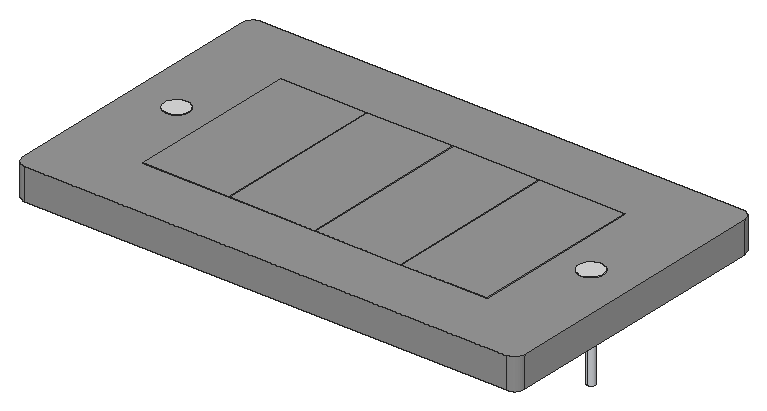
Revit family "ElectricalFixture_WiringAccessories_Hager_Sollysta_WhiteMetalcladEuroPlates", category Electrical Fixtures, host Face, Revit 2015
Parameters (values of type "WPP4EUBKOW")
  Warranty ID = ""
  Voltage (Volts) = "230V/240V"
  Unique Reference = "WPP4EUBKOW"
  Type = "ElectricalFixture"
  Technical Description = Description  # "4ModuleEuroStyleAccomodationPlate&BackboxWithKnockoutsWhite"
  SwitchHeight = 50.0 mm
  Switch Width = 100.0 mm
  Switch = yes
  Supply Phase = "1"
  Size = ""
  Shipping Weight kg = "0.188"
  Shape = "Rectangular"
  Reference Standard = "BS 1363-2"
  Product URL = "http://www.hager.co.uk/product-catalogue/wiring-accessories/sollysta/white-moulded/white-moulded-euro-accomodation-plates-modules/58361.htm"
  Product Range = "Sollysta"
  Product Model Number = Unique Reference  # "WPP4EUBKOW"
  Product Literature = "http://www.hager.co.uk/product-catalogue/wiring-accessories/sollysta/38662.htm"
  Product Group = "WiringAccessories"
  Product Family = "MetalcladEuroAccomodationPlates&Modules"
  Packaging Recyclable = yes
  Overall Width = Overall Length  # 146.0 mm
  Overall Length = 146.0 mm
  Overall Height = 86.0 mm
  Overall Depth = 26.07 mm
  Operation and Maintenance Manual = ""
  Name = "MetalcladEuroAccomodationPlates&Modules_WPP4EUBKOW"
  Module4 [instance] = ElectricalFixture_WiringAccessories_Hager_Sollysta_EuroModulesWhite : WMMRJ45
  Module3 [instance] = ElectricalFixture_WiringAccessories_Hager_Sollysta_EuroModulesWhite : WMMRJ45
  Module2 [instance] = ElectricalFixture_WiringAccessories_Hager_Sollysta_EuroModulesWhite : WMMRJ11
  Module1 [instance] = ElectricalFixture_WiringAccessories_Hager_Sollysta_EuroModulesWhite : WMMBTM
  Measurement Units = "mm"
  Material = Hager_WhiteMetalClad
  Manufacturer Website = "http://www.hager.co.uk/"
  Manufacturer Country = "United Kingdom"
  Manufacturer = "Hager"
  LED Indicator Switch = no
  Gross Weight kg = "0.165"
  Frequency = "50/60Hz"
  Finish = "Polished"
  Features = Description  # "4ModuleEuroStyleAccomodationPlate&BackboxWithKnockoutsWhite"
  Extrusion From Wall = 9.0 mm
  Expected Life = "25 years"
  EAN Code = "3250617261678"
  Design Country = "China"
  Description = "4ModuleEuroStyleAccomodationPlate&BackboxWithKnockoutsWhite"
  Default Elevation = 1219.2 mm
  Colour = "WhiteMetalclad"
  CE Approval = yes
  4Gang = yes
  2Gang = yes
  1Gang = no
Types (9, lengths in mm): name | Unique Reference | Technical Description | Product Model Number | Overall Width | Overall Length | Name | Features | EAN Code | Description | 4Gang | 2Gang | 1Gang
  WPP1EUW | "WPP1EUW" | "1ModuleEuroStyleAccomodationPlateWhite" | "WPP1EUW" | 86.0 | 86.0 | "MetalcladEuroAccomodationPlates&Modules_WPP1EUW" | "1ModuleEuroStyleAccomodationPlateWhite" | "3250617261593" | "1ModuleEuroStyleAccomodationPlateWhite" | no | no | yes
  WPP1EUBW | "WPP1EUBW" | "1ModuleEuroStyleAccomodationPlate&BackboxWithoutKnockoutsWhite" | "WPP1EUBW" | 86.0 | 86.0 | "MetalcladEuroAccomodationPlates&Modules_WPP1EUBW" | "1ModuleEuroStyleAccomodationPlate&BackboxWithoutKnockoutsWhite" | "3250617261586" | "1ModuleEuroStyleAccomodationPlate&BackboxWithoutKnockoutsWhite" | no | no | yes
  WPP1EUBKOW | "WPP1EUBKOW" | "1ModuleEuroStyleAccomodationPlate&BackboxWithKnockoutsWhite" | "WPP1EUBKOW" | 86.0 | 86.0 | "MetalcladEuroAccomodationPlates&Modules_WPP1EUBKOW" | "1ModuleEuroStyleAccomodationPlate&BackboxWithKnockoutsWhite" | "3250617261579" | "1ModuleEuroStyleAccomodationPlate&BackboxWithKnockoutsWhite" | no | no | yes
  WPP2EUW | "WPP2EUW" | "2ModuleEuroStyleAccomodationPlateWhite" | "WPP2EUW" | 86.0 | 86.0 | "MetalcladEuroAccomodationPlates&Modules_WPP2EUW" | "2ModuleEuroStyleAccomodationPlateWhite" | "3250617261654" | "2ModuleEuroStyleAccomodationPlateWhite" | no | yes | no
  WPP2EUBW | "WPP2EUBW" | "2ModuleEuroStyleAccomodationPlate&BackboxWithoutKnockoutsWhite" | "WPP2EUBW" | 86.0 | 86.0 | "MetalcladEuroAccomodationPlates&Modules_WPP2EUBW" | "2ModuleEuroStyleAccomodationPlate&BackboxWithoutKnockoutsWhite" | "3250617261647" | "2ModuleEuroStyleAccomodationPlate&BackboxWithoutKnockoutsWhite" | no | no | yes
  WPP2EUBKOW | "WPP2EUBKOW" | "2ModuleEuroStyleAccomodationPlate&BackboxWithKnockoutsWhite" | "WPP2EUBKOW" | 86.0 | 86.0 | "MetalcladEuroAccomodationPlates&Modules_WPP2EUBKOW" | "2ModuleEuroStyleAccomodationPlate&BackboxWithKnockoutsWhite" | "3250617261630" | "2ModuleEuroStyleAccomodationPlate&BackboxWithKnockoutsWhite" | no | yes | no
  WPP4EUW | "WPP4EUW" | "4ModuleEuroStyleAccomodationPlateWhite" | "WPP4EUW" | 146.0 | 146.0 | "MetalcladEuroAccomodationPlates&Modules_WPP4EUW" | "4ModuleEuroStyleAccomodationPlateWhite" | "3250617261692" | "4ModuleEuroStyleAccomodationPlateWhite" | yes | yes | no
  WPP4EUBW | "WPP4EUBW" | "4ModuleEuroStyleAccomodationPlate&BackboxWithoutKnockoutsWhite" | "WPP4EUBW" | 86.0 | 86.0 | "MetalcladEuroAccomodationPlates&Modules_WPP4EUBW" | "4ModuleEuroStyleAccomodationPlate&BackboxWithoutKnockoutsWhite" | "3250617261685" | "4ModuleEuroStyleAccomodationPlate&BackboxWithoutKnockoutsWhite" | no | no | yes
  WPP4EUBKOW | "WPP4EUBKOW" | "4ModuleEuroStyleAccomodationPlate&BackboxWithKnockoutsWhite" | "WPP4EUBKOW" | 146.0 | 146.0 | "MetalcladEuroAccomodationPlates&Modules_WPP4EUBKOW" | "4ModuleEuroStyleAccomodationPlate&BackboxWithKnockoutsWhite" | "3250617261678" | "4ModuleEuroStyleAccomodationPlate&BackboxWithKnockoutsWhite" | yes | yes | no
Reference planes
  plane 1 "Center (Front/Back)": y = 0
  plane 2: z = 0
  plane 3 "Center (Left/Right)": x = -11.5
  plane 4: y = -43
  plane 5: y = 43
  plane 6: x = -84.5
  plane 7: x = 61.5
  plane 8: z = 9.47
  plane 9: z = -16.6
  plane 10: z = 9
  plane 11: y = -471.393
  plane 12: z = -20.53
  plane 13: x = -71.65
  plane 14: x = 48.65
  plane 15: x = -61.5
  plane 16: x = 38.5
  plane 17: y = -25
  plane 18: y = 25
  plane 19 "Ref Line": z = -2.9
Forms (mm)
  Extrusion 1, solid, material "Steel, Chrome Plated", detail levels fine
    sketch origin (0, 0, 0) x (1, 0, 0) y (0, 1, 0)
      loop
        circle (-71.65, 0) r 3.542
    from -1.167 to 9
  Extrusion 2, solid, material "Steel, Chrome Plated", detail levels fine
    sketch origin (0, 0, 0) x (-1, 0, 0) y (0, -1, 0)
      loop
        circle (-48.65, 0) r 3.542
    from -1.167 to 9
  Extrusion 3, solid, material "Urea Formaldehyde Thermoset Plastic", detail levels medium
    sketch origin (0, 0, 0) x (1, 0, 0) y (0, 1, 0)
      loop
        line (-84.5, 43) -> (-84.5, -43) -> (61.5, -43) -> (61.5, 43) -> (-84.5, 43)
    from 0 to 9
  Extrusion 4, solid
    sketch origin (-184.307, 0, -1.167) x (0, 1, 0) y (-1, 0, 0)
      loop
        circle (0, -112.657) r 1.2
    from 0 to 19.363
  Extrusion 5, solid
    sketch origin (0, 0, -1.167) x (0, -1, 0) y (1, 0, 0)
      loop
        circle (0, 48.65) r 1.2
    from 0 to 19.363
  Extrusion 6, solid, material "Hager_WhiteMetalClad" <- "Material", detail levels medium
    sketch origin (0, 0, 0) x (1, 0, 0) y (0, 1, 0)
      loop
        line (-84.5, -43) -> (61.5, -43) -> (61.5, 43) -> (-84.5, 43) -> (-84.5, -43)
    from 0 to 9
  Extrusion 7, solid, material "Hager_WhiteMetalClad" <- "Material", detail levels fine
    sketch origin (0, 0, 0) x (1, 0, 0) y (0, 1, 0)
      loop
        arc (-81.235, 43) -> (-83.544, 42.044) -> (-84.5, 39.735) r 3.265
        line (-84.5, 39.735) -> (-84.5, -39.765)
        arc (-84.5, -39.765) -> (-83.553, -42.053) -> (-81.265, -43) r 3.235
        line (-81.265, -43) -> (58.509, -43)
        arc (58.509, -43) -> (60.624, -42.124) -> (61.5, -40.009) r 2.991
        line (61.5, -40.009) -> (61.5, 39.751)
        arc (61.5, 39.751) -> (60.548, 42.048) -> (58.251, 43) r 3.249
        line (58.251, 43) -> (-81.235, 43)
    from 0 to 9
Lines and regions (mm)
  symbolic lines, style "ElectricalFixtures", not visible, detail levels coarse
    curve 1: line (73.42, -504.912, 19.451) -> (3.42, -504.912, 19.451)
    curve 2: arc (73.42, -504.912, 19.451) -> (38.42, -504.912, 54.451) -> (3.42, -504.912, 19.451) r 35
    curve 3: circle (38.42, -504.912, 54.451) r 6 normal (0, 1, 0)
    curve 4: line (38.42, -504.912, 54.451) -> (38.42, -504.912, 99.451)
    curve 5: line (38.42, -504.912, 99.451) -> (68.42, -504.912, 99.451)
    curve 6: line (38.42, -504.912, 54.451) -> (10.78, -504.912, 87.391)
    curve 7: line (10.78, -504.912, 87.391) -> (-3.315, -504.912, 75.564)
    curve 8: line (0.509, -504.912, 19.451) -> (-69.491, -504.912, 19.451)
    curve 9: arc (0.509, -504.912, 19.451) -> (-34.491, -504.912, 54.451) -> (-69.491, -504.912, 19.451) r 35
    curve 10: circle (-34.491, -504.912, 54.451) r 6 normal (0, 1, 0)
    curve 11: line (-34.491, -504.912, 54.451) -> (-34.491, -504.912, 99.451)
    curve 12: line (-34.491, -504.912, 99.451) -> (-4.491, -504.912, 99.451)
    curve 13: line (-34.491, -504.912, 54.451) -> (-62.13, -504.912, 87.391)
    curve 14: line (-62.13, -504.912, 87.391) -> (-76.226, -504.912, 75.564)
  model lines, detail levels coarse
    curve 15: line (-84.5, 43, 0) -> (61.5, 43, 0)
    curve 16: line (-84.5, -43, 0) -> (-84.5, 43, 0)
    curve 17: line (61.5, -43, 0) -> (-84.5, -43, 0)
    curve 18: line (61.5, 43, 0) -> (61.5, -43, 0)
    curve 19: arc (-67.608, 0, 0) -> (-71.65, -4.042, 0) -> (-75.692, 0, 0) r 4.042
    curve 20: arc (-75.692, 0, 0) -> (-71.65, 4.042, 0) -> (-67.608, 0, 0) r 4.042
    curve 21: arc (52.692, 0, 0) -> (48.65, -4.042, 0) -> (44.608, 0, 0) r 4.042
    curve 22: arc (44.608, 0, 0) -> (48.65, 4.042, 0) -> (52.692, 0, 0) r 4.042
  model lines
    curve 23: line (35.719, -25, 0) -> (-58.806, -25, 0)
Dimensions and locks
  "Overall Length": plane 6 to plane 7
  "Overall Height": plane 4 to plane 5
  "Extrusion From Wall": plane 2 to plane 10
  locked: plane 14 to plane 7 at 12.85
  locked: plane 6 to plane 13 at 12.85
  equal spacing: plane 6, plane 3 "Center (Left/Right)", plane 7
  equal spacing: plane 15, plane 3 "Center (Left/Right)", plane 16
  "Switch Width": plane 15 to plane 16
  equal spacing: plane 18, plane 1 "Center (Front/Back)", plane 17
  "SwitchHeight": plane 18 to plane 17
  plane 15 to plane 3 "Center (Left/Right)" to plane 16 = 50.0 mm, 50.0 mm
  nested 1 to host face = 9.0 mm
  locked: plane 10 to plane 19 "Ref Line" at 11.9
  aligned and locked: plane 2 to host face
  aligned and locked: level to host face
  aligned and locked: Extrusion 2 to Extrusion 4
  aligned and locked: Extrusion 5 to Extrusion 1
  aligned and locked: plane 12 to Extrusion 5
  aligned and locked: Extrusion 6 to level
  aligned and locked: plane 14 to Extrusion 5 sketch curve
  aligned and locked: plane 13 to Extrusion 4 sketch curve
  aligned and locked: plane 1 "Center (Front/Back)" to nested 1
  aligned and locked: curve 15 to Extrusion 7 sketch curve
  aligned and locked: curve 16 to Extrusion 7 sketch curve
  aligned and locked: curve 17 to Extrusion 7 sketch curve
  aligned and locked: curve 18 to Extrusion 7 sketch curve
  aligned and locked: Extrusion 7 to plane 10
  aligned and locked: Extrusion 6 to Extrusion 7
  aligned and locked: Extrusion 3 to Extrusion 6
  aligned and locked: Extrusion 3 to Extrusion 1
  aligned and locked: Extrusion 2 to Extrusion 1
Automatic sketch dimensions
  host sketch curve to host sketch curve = 2438.4 mm  (x2)
  Extrusion 1 sketch curve to Extrusion 1 sketch curve = 0.0 mm  (x2)
  plane 1 "Center (Front/Back)" to Extrusion 1 sketch curve = 0.0 mm
  Extrusion 1 sketch curve to plane 13 = 0.0 mm
  Extrusion 1 sketch curve to plane 13 = 3.542 mm
  Extrusion 2 sketch curve to Extrusion 2 sketch curve = 0.0 mm  (x2)
  plane 1 "Center (Front/Back)" to Extrusion 2 sketch curve = 0.0 mm
  plane 14 to Extrusion 2 sketch curve = 0.0 mm
  Extrusion 2 sketch curve to plane 14 = 3.542 mm
  plane 4 to Extrusion 3 sketch curve = 0.0 mm
  Extrusion 3 sketch curve to plane 6 = 0.0 mm
  Extrusion 3 sketch curve to plane 7 = 0.0 mm
  plane 5 to Extrusion 3 sketch curve = 0.0 mm
  plane 5 to Extrusion 6 sketch curve = 0.0 mm
  Extrusion 6 sketch curve to plane 6 = 0.0 mm
  Extrusion 6 sketch curve to plane 7 = 0.0 mm
  plane 4 to Extrusion 6 sketch curve = 0.0 mm
  curve 19 to curve 20 = 0.0 mm  (x2)
  curve 21 to curve 22 = 0.0 mm  (x2)
  plane 4 to curve 17 = 0.0 mm
  curve 17 to plane 6 = 0.0 mm
  plane 1 "Center (Front/Back)" to curve 19 = 0.0 mm
  curve 20 to plane 13 = 0.0 mm
  plane 1 "Center (Front/Back)" to curve 21 = 0.0 mm
  curve 22 to plane 14 = 0.0 mm
  curve 17 to plane 7 = 0.0 mm
  plane 5 to curve 16 = 0.0 mm
  curve 19 to plane 13 = 4.042 mm
  curve 21 to curve 21 = 4.042 mm
  curve 23 to plane 17 = 0.0 mm
  curve 23 to plane 16 = 2.781 mm
  plane 15 to curve 23 = 2.694 mm
  Extrusion 7 sketch curve to plane 4 = 3.235 mm
  plane 6 to Extrusion 7 sketch curve = 3.265 mm
  Extrusion 7 sketch curve to plane 7 = 3.249 mm
  Extrusion 7 sketch curve to plane 7 = 2.991 mm
  radius of Extrusion 4 sketch curve = 1.2 mm
  radius of Extrusion 5 sketch curve = 1.2 mm
Nested families
  nested 1: "ElectricalFixture_WiringAccessories_Hager_Sollysta_EuroModulesWhite" at (-37.5, 0, -2.9), visible <- "4Gang", type <- "Module1", type "WMMBTM", detail levels fine
  nested 2: "ElectricalFixture_WiringAccessories_Hager_Sollysta_EuroModulesWhite" at (-12.5, 0, -2.9), visible <- "2Gang", type <- "Module2", type "WMMRJ11", detail levels fine
  nested 3: "ElectricalFixture_WiringAccessories_Hager_Sollysta_EuroModulesWhite" at (12.5, 0, -2.9), visible <- "2Gang", type <- "Module3", type "WMMRJ45", detail levels fine
  nested 4: "ElectricalFixture_WiringAccessories_Hager_Sollysta_EuroModulesWhite" at (37.5, 0, -2.9), visible <- "4Gang", type <- "Module4", type "WMMRJ45", detail levels fine
  nested 5: "ElectricalFixture_WiringAccessories_Hager_Sollysta_EuroModulesWhite" at (0, 0, -2.9), visible <- "1Gang", type <- "Module1", type "WMMBTM", detail levels fine
Connectors
  electrical at (-11.5, 0, 0)
    settings: on Extrusion 3, index 1, voltage 230 V, apparent load 0 VA, apparent load phase1 0 VA, apparent load phase2 0 VA, apparent load phase3 0 VA, power factor 1, load classification "Other", number of poles 1, system type 31, power factor state 1, is connector primary yes, connector utility no, sub classification motor no, connector description ""
Definition of nested family "ElectricalFixture_WiringAccessories_Hager_Sollysta_EuroModulesWhite"
  Parameters (values of type "WMMPIR10X")
    Warranty ID = ""
    Voltage (Volts) = "230V/240V"
    Unique Reference = "WMMPIR10X"
    Type = "ElectricalFixture"
    Technical Description = Description  # "PIR10mDetectionEuromoduleWhite"
    SwitchHeight = 50.0 mm
    Switch Width = 100.0 mm
    Switch = yes
    Supply Phase = "1"
    Size = ""
    Shipping Weight kg = "0.188"
    Shape = "Rectangular"
    Reference Standard = "BS 1363-2"
    Product URL = "http://www.hager.co.uk/product-catalogue/wiring-accessories/sollysta/white-moulded/white-moulded-euro-accomodation-plates-modules/58361.htm"
    Product Range = "Sollysta"
    Product Model Number = Unique Reference  # "WMMPIR10X"
    Product Literature = "http://www.hager.co.uk/product-catalogue/wiring-accessories/sollysta/38662.htm"
    Product Group = "WiringAccessories"
    Product Family = "WhiteMouldedEuroAccomodationPlates&Modules"
    Packaging Recyclable = yes
    Overall Width = 25.0 mm
    Overall Length = 25.0 mm  # constant formula
    Overall Height = 50.0 mm
    Overall Depth = 11.9 mm
    Operation and Maintenance Manual = ""
    Name = "WhiteMouldedEuroAccomodationPlates&Modules_WMMPIR10X"
    Measurement Units = "mm"
    Material = none
    Manufacturer Website = "http://www.hager.co.uk/"
    Manufacturer Country = "United Kingdom"
    Manufacturer = "Hager"
    LED Indicator Switch = no
    Gross Weight kg = "0.165"
    Frequency = "50/60Hz"
    Finish = "Gloss"
    Features = Description  # "PIR10mDetectionEuromoduleWhite"
    Extrusion From Wall = 11.921 mm
    Expected Life = "25 years"
    EAN Code = "3250617262347"
    Design Country = "China"
    Description = "PIR10mDetectionEuromoduleWhite"
    Default Elevation = 1219.2 mm
    Colour = "SollystaWhite"
    CE Approval = yes
  Types (16, lengths in mm): name | Unique Reference | Technical Description | Product Model Number | Name | Features | EAN Code | Description
    WMMBTM | "WMMBTM" | "BTTelephoneMasterEuromoduleWhite" | "WMMBTM" | "WhiteMouldedEuroAccomodationPlates&Modules_WMMBTM" | "BTTelephoneMasterEuromoduleWhite" | "5015652260691" | "BTTelephoneMasterEuromoduleWhite"
    WMMBTS | "WMMBTS" | "BTTelephoneSecondaryEuromoduleWhite" | "WMMBTS" | "WhiteMouldedEuroAccomodationPlates&Modules_WMMBTS" | "BTTelephoneSecondaryEuromoduleWhite" | "5015652260998" | "BTTelephoneSecondaryEuromoduleWhite"
    WMMRJ11 | "WMMRJ11" | "RJ11ModernEuromoduleWhite" | "WMMRJ11" | "WhiteMouldedEuroAccomodationPlates&Modules_WMMRJ11" | "RJ11ModernEuromoduleWhite" | "RJ11 - Modem Euromodule White" | "RJ11ModernEuromoduleWhite"
    WMMRJ45 | "WMMRJ45" | "RJ45CAT6UTPEuromoduleWhite" | "WMMRJ45" | "WhiteMouldedEuroAccomodationPlates&Modules_WMMRJ45" | "RJ45CAT6UTPEuromoduleWhite" | "5015652260752" | "RJ45CAT6UTPEuromoduleWhite"
    WMMPP | "WMMPP" | "PhonoPlugsRed/BlackEuromodule" | "WMMPP" | "WhiteMouldedEuroAccomodationPlates&Modules_WMMPP" | "PhonoPlugsRed/BlackEuromodule" | "5015652260776" | "PhonoPlugsRed/BlackEuromodule"
    WMMSP | "WMMSP" | "SpeakerTerminalPostsEuromoduleWhite" | "WMMSP" | "WhiteMouldedEuroAccomodationPlates&Modules_WMMSP" | "SpeakerTerminalPostsEuromoduleWhite" | "5015652260783" | "SpeakerTerminalPostsEuromoduleWhite"
    WMMTVF | "WMMTVF" | "SingleIECFemaleEuromoduleWhite" | "WMMTVF" | "WhiteMouldedEuroAccomodationPlates&Modules_WMMTVF" | "SingleIECFemaleEuromoduleWhite" | "5015652260806" | "SingleIECFemaleEuromoduleWhite"
    WMMTVM | "WMMTVM" | "SingleIECMaleEuromoduleWhite" | "WMMTVM" | "WhiteMouldedEuroAccomodationPlates&Modules_WMMTVM" | "SingleIECMaleEuromoduleWhite" | "5015652260837" | "SingleIECMaleEuromoduleWhite"
    WMMSAT | "WMMSAT" | "SingleSatelliteFConnectorEuromoduleWhite" | "WMMSAT" | "WhiteMouldedEuroAccomodationPlates&Modules_WMMSAT" | "SingleSatelliteFConnectorEuromoduleWhite" | "5015652260868" | "SingleSatelliteFConnectorEuromoduleWhite"
    WMMB | "WMMB" | "SingleBlankEuromoduleWhite" | "WMMB" | "WhiteMouldedEuroAccomodationPlates&Modules_WMMB" | "SingleBlankEuromoduleWhite" | "5015652260912" | "SingleBlankEuromoduleWhite"
    WMMHDMI | "WMMHDMI" | "HDMIOutletWhite" | "WMMHDMI" | "WhiteMouldedEuroAccomodationPlates&Modules_WMMHDMI" | "HDMIOutletWhite" | "3250617262071" | "HDMIOutletWhite"
    WMMUSB | "WMMUSB" | "USBEuromoduleWhite" | "WMMUSB" | "WhiteMouldedEuroAccomodationPlates&Modules_WMMUSB" | "USBEuromoduleWhite" | "5015654760175" | "USBEuromoduleWhite"
    WMMTX | "WMMTX" | "Triplexer,TV,SAT&FMEuromoduleWhite" | "WMMTX" | "WhiteMouldedEuroAccomodationPlates&Modules_WMMTX" | "Triplexer,TV,SAT&FMEuromoduleWhite" | "5015652260950" | "Triplexer,TV,SAT&FMEuromoduleWhite"
    WMMQX | "WMMQX" | "Quadplexer,TV/SAT/FM/RTRNEuromoduleWhite" | "WMMQX" | "WhiteMouldedEuroAccomodationPlates&Modules_WMMQX" | "Quadplexer,TV/SAT/FM/RTRNEuromoduleWhite" | "5015652260974" | "Quadplexer,TV/SAT/FM/RTRNEuromoduleWhite"
    WMMPIR05X | "WMMPIR05X" | "PIR5mDetectionEuromoduleWhite" | "WMMPIR05X" | "WhiteMouldedEuroAccomodationPlates&Modules_WMMPIR05X" | "PIR5mDetectionEuromoduleWhite" | "3250617262330" | "PIR5mDetectionEuromoduleWhite"
    WMMPIR10X | "WMMPIR10X" | "PIR10mDetectionEuromoduleWhite" | "WMMPIR10X" | "WhiteMouldedEuroAccomodationPlates&Modules_WMMPIR10X" | "PIR10mDetectionEuromoduleWhite" | "3250617262347" | "PIR10mDetectionEuromoduleWhite"
  Reference planes
    plane 1 "Center (Front/Back)": y = 0
    plane 2: z = 0
    plane 3 "Center (Left/Right)": x = -11.5
    plane 4: y = -25
    plane 5: y = 25
    plane 6: x = -24
    plane 7: x = 1
    plane 8: z = 11.9
  Forms (mm)
    Extrusion 1, solid
      sketch origin (0, 0, 0) x (1, 0, 0) y (0, 1, 0)
        loop
          line (-1219.2, 1219.2) -> (-1219.2, -1219.2) -> (1219.2, -1219.2) -> (1219.2, 1219.2) -> (-1219.2, 1219.2)
      from 0 to -304.8
    Extrusion 2, solid
      sketch origin (0, 0, 0) x (1, 0, 0) y (0, 1, 0)
        loop
          line (-24, -25) -> (1, -25) -> (1, 25) -> (-24, 25) -> (-24, -25)
      from 0 to 11.9
  Lines and regions (mm)
    symbolic lines, not visible, detail levels coarse
      curve 1: line (73.42, -504.912, 19.451) -> (3.42, -504.912, 19.451)
      curve 2: arc (73.42, -504.912, 19.451) -> (38.42, -504.912, 54.451) -> (3.42, -504.912, 19.451) r 35
      curve 3: circle (38.42, -504.912, 54.451) r 6 normal (0, 1, 0)
      curve 4: line (38.42, -504.912, 54.451) -> (38.42, -504.912, 99.451)
      curve 5: line (38.42, -504.912, 99.451) -> (68.42, -504.912, 99.451)
      curve 6: line (38.42, -504.912, 54.451) -> (10.78, -504.912, 87.391)
      curve 7: line (10.78, -504.912, 87.391) -> (-3.315, -504.912, 75.564)
      curve 8: line (0.509, -504.912, 19.451) -> (-69.491, -504.912, 19.451)
      curve 9: arc (0.509, -504.912, 19.451) -> (-34.491, -504.912, 54.451) -> (-69.491, -504.912, 19.451) r 35
      curve 10: circle (-34.491, -504.912, 54.451) r 6 normal (0, 1, 0)
      curve 11: line (-34.491, -504.912, 54.451) -> (-34.491, -504.912, 99.451)
      curve 12: line (-34.491, -504.912, 99.451) -> (-4.491, -504.912, 99.451)
      curve 13: line (-34.491, -504.912, 54.451) -> (-62.13, -504.912, 87.391)
      curve 14: line (-62.13, -504.912, 87.391) -> (-76.226, -504.912, 75.564)
  Dimensions and locks
    equal spacing: plane 6, plane 3 "Center (Left/Right)", plane 7
    "Overall Width": plane 6 to plane 7
    equal spacing: plane 4, plane 1 "Center (Front/Back)", plane 5
    "Overall Height": plane 4 to plane 5
    "Overall Depth": plane 8 to plane 2
    aligned and locked: plane 2 to Extrusion 1
    aligned and locked: level to Extrusion 1
    aligned and locked: plane 4 to Extrusion 2 sketch curve
    aligned and locked: Extrusion 2 sketch curve to plane 6
    aligned and locked: Extrusion 2 sketch curve to plane 5
    aligned and locked: plane 7 to Extrusion 2 sketch curve
    aligned and locked: Extrusion 2 to plane 8
  Automatic sketch dimensions
    Extrusion 1 sketch curve to Extrusion 1 sketch curve = 2438.4 mm  (x2)
